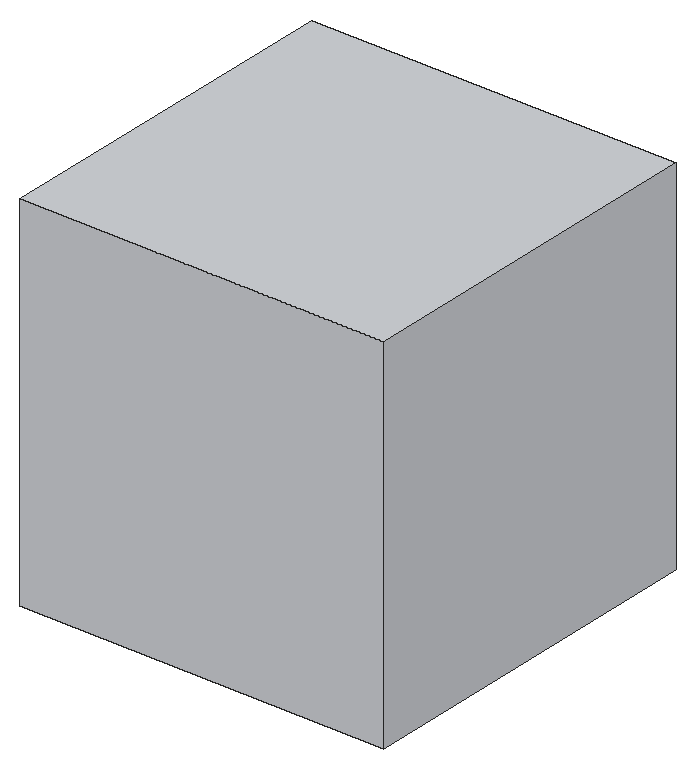
Revit family "盤", category Electrical Equipment, host Face, Revit 2023
Family settings
  Host = Face
  Panel Configuration = Two Columns, Circuits Across
  Round Connector Dimension = Use Diameter
  Part Type = Panelboard
  Cut with Voids When Loaded = No
  Maintain Annotation Orientation = No
  Shared = No
  Room Calculation Point = No
Parameters
  長さ3 [instance] = 400 mm
  長さ2 [instance] = 400 mm
  長さ1 [instance] = 400 mm
  構造マテリアル [instance] = none
  Default Elevation = 1219.2 mm
Reference planes
  plane 1 "中心(正面/背面)": y = 0
  plane 2: z = 0
  plane 3 "中心(左/右)": x = 0
Forms (mm)
  Extrusion 1, solid, material <- "構造マテリアル"
    sketch origin (0, 0, 0) x (1, 0, 0) y (0, 1, 0)
      loop
        line (-200, 200) -> (-200, -200) -> (200, -200) -> (200, 200) -> (-200, 200)
    from 0 to 400
Lines and regions (mm)
  reference lines
    curve 1: line (-200, -200, 0) -> (-200, 200, 0)
    curve 2: line (200, 200, 0) -> (200, -200, 0)
    curve 3: line (200, -200, 0) -> (-200, -200, 0)
    curve 4: line (-200, 200, 0) -> (200, 200, 0)
    curve 5: line (-480, 0, 0) -> (520, 0, 0)
    curve 6: line (-200, 0, 400) -> (200, 0, 400)
Dimensions and locks
  equal spacing: curve 4, plane 1 "中心(正面/背面)", curve 3
  equal spacing: curve 1, plane 3 "中心(左/右)", curve 2
  "長さ2": curve 4 to curve 3
  "長さ1": curve 1 to curve 2
  "長さ3": curve 6 to curve 5
  equal spacing: curve 6, plane 3 "中心(左/右)", curve 6
  equal spacing: curve 3, plane 3 "中心(左/右)", curve 3
  "長さ1": curve 6 to curve 6
  "長さ1": curve 3 to curve 3
  aligned and locked: plane 2 to host face
  aligned and locked: level to host face
  aligned and locked: Extrusion 1 to curve 1  (x3)
  aligned and locked: Extrusion 1 to curve 2
  aligned and locked: Extrusion 1 to curve 6
Automatic sketch dimensions
  host sketch curve to host sketch curve = 2438.4 mm  (x2)
  Extrusion 1 sketch curve to plane 3 "中心(左/右)" = 200 mm
  plane 3 "中心(左/右)" to Extrusion 1 sketch curve = 200 mm
  plane 1 "中心(正面/背面)" to Extrusion 1 sketch curve = 200 mm
  Extrusion 1 sketch curve to plane 1 "中心(正面/背面)" = 200 mm
  curve 5 to level = 0 mm
  curve 5 to plane 3 "中心(左/右)" = 480 mm
  curve 6 to curve 5 = 320 mm
